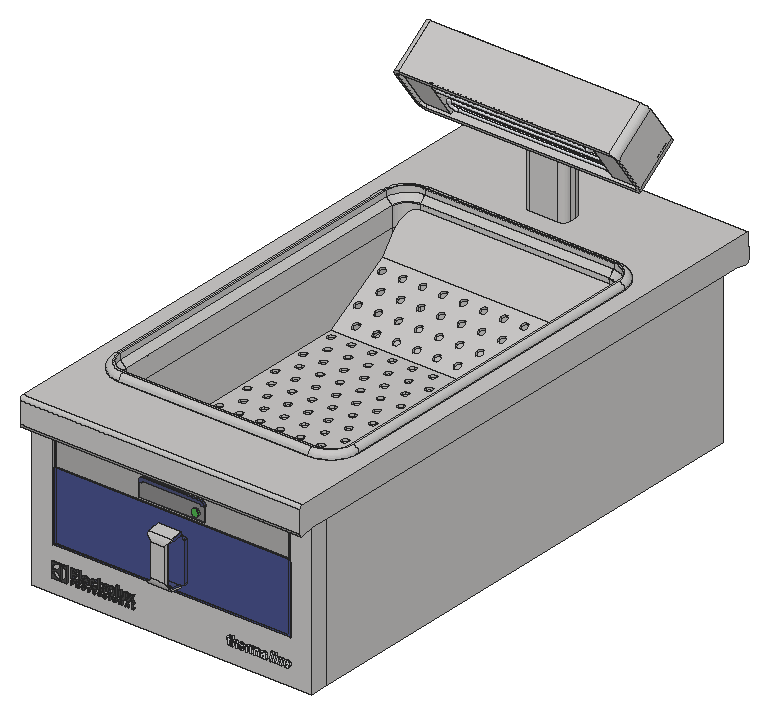
Revit family "QF_ELECTROLUXPROFESSIONAL_588094_MAYAAADOBO", category Attrezzature speciali, Revit 2020 (continued)
Lines and regions (mm)
  symbolic lines
    curve 151: spline (151.566, -242.726, 0) -> (151.734, -243.847, 0) -> (152.227, -244.891, 0) -> (153.011, -245.788, 0) -> (154.033, -246.476, 0) -> (155.223, -246.909, 0) -> (156.5, -247.057, 0) -> (157.777, -246.909, 0) -> (158.967, -246.476, 0) -> (159.989, -245.788, 0) -> (160.773, -244.891, 0) -> (161.266, -243.847, 0) -> (161.434, -242.726, 0)
    curve 152: spline (151.566, -242.726, 0) -> (151.944, -241.814, 0) -> (152.548, -240.998, 0) -> (153.35, -240.316, 0) -> (154.309, -239.803, 0) -> (155.376, -239.485, 0) -> (156.5, -239.377, 0) -> (157.624, -239.485, 0) -> (158.691, -239.803, 0) -> (159.65, -240.316, 0) -> (160.452, -240.998, 0) -> (161.056, -241.814, 0) -> (161.434, -242.726, 0)
    curve 153: spline (180.566, -242.726, 0) -> (180.734, -243.847, 0) -> (181.227, -244.891, 0) -> (182.011, -245.788, 0) -> (183.033, -246.476, 0) -> (184.223, -246.909, 0) -> (185.5, -247.057, 0) -> (186.777, -246.909, 0) -> (187.967, -246.476, 0) -> (188.989, -245.788, 0) -> (189.773, -244.891, 0) -> (190.266, -243.847, 0) -> (190.434, -242.726, 0)
    curve 154: spline (180.566, -242.726, 0) -> (180.944, -241.814, 0) -> (181.548, -240.998, 0) -> (182.35, -240.316, 0) -> (183.309, -239.803, 0) -> (184.376, -239.485, 0) -> (185.5, -239.377, 0) -> (186.624, -239.485, 0) -> (187.691, -239.803, 0) -> (188.65, -240.316, 0) -> (189.452, -240.998, 0) -> (190.056, -241.814, 0) -> (190.434, -242.726, 0)
    curve 155: spline (335.434, -242.726, 0) -> (335.266, -243.847, 0) -> (334.773, -244.891, 0) -> (333.989, -245.788, 0) -> (332.967, -246.476, 0) -> (331.777, -246.909, 0) -> (330.5, -247.057, 0) -> (329.223, -246.909, 0) -> (328.033, -246.476, 0) -> (327.011, -245.788, 0) -> (326.227, -244.891, 0) -> (325.734, -243.847, 0) -> (325.566, -242.726, 0)
    curve 156: spline (335.434, -242.726, 0) -> (335.056, -241.814, 0) -> (334.452, -240.998, 0) -> (333.65, -240.316, 0) -> (332.691, -239.803, 0) -> (331.624, -239.485, 0) -> (330.5, -239.377, 0) -> (329.376, -239.485, 0) -> (328.309, -239.803, 0) -> (327.35, -240.316, 0) -> (326.548, -240.998, 0) -> (325.944, -241.814, 0) -> (325.566, -242.726, 0)
    curve 157: spline (306.434, -242.726, 0) -> (306.266, -243.847, 0) -> (305.773, -244.891, 0) -> (304.989, -245.788, 0) -> (303.967, -246.476, 0) -> (302.777, -246.909, 0) -> (301.5, -247.057, 0) -> (300.223, -246.909, 0) -> (299.033, -246.476, 0) -> (298.011, -245.788, 0) -> (297.227, -244.891, 0) -> (296.734, -243.847, 0) -> (296.566, -242.726, 0)
    curve 158: spline (306.434, -242.726, 0) -> (306.056, -241.814, 0) -> (305.452, -240.998, 0) -> (304.65, -240.316, 0) -> (303.691, -239.803, 0) -> (302.624, -239.485, 0) -> (301.5, -239.377, 0) -> (300.376, -239.485, 0) -> (299.309, -239.803, 0) -> (298.35, -240.316, 0) -> (297.548, -240.998, 0) -> (296.944, -241.814, 0) -> (296.566, -242.726, 0)
    curve 159: spline (277.434, -242.726, 0) -> (277.266, -243.847, 0) -> (276.773, -244.891, 0) -> (275.989, -245.788, 0) -> (274.967, -246.476, 0) -> (273.777, -246.909, 0) -> (272.5, -247.057, 0) -> (271.223, -246.909, 0) -> (270.033, -246.476, 0) -> (269.011, -245.788, 0) -> (268.227, -244.891, 0) -> (267.734, -243.847, 0) -> (267.566, -242.726, 0)
    curve 160: spline (277.434, -242.726, 0) -> (277.056, -241.814, 0) -> (276.452, -240.998, 0) -> (275.65, -240.316, 0) -> (274.691, -239.803, 0) -> (273.624, -239.485, 0) -> (272.5, -239.377, 0) -> (271.376, -239.485, 0) -> (270.309, -239.803, 0) -> (269.35, -240.316, 0) -> (268.548, -240.998, 0) -> (267.944, -241.814, 0) -> (267.566, -242.726, 0)
    curve 161: spline (248.434, -242.726, 0) -> (248.266, -243.847, 0) -> (247.773, -244.891, 0) -> (246.989, -245.788, 0) -> (245.967, -246.476, 0) -> (244.777, -246.909, 0) -> (243.5, -247.057, 0) -> (242.223, -246.909, 0) -> (241.033, -246.476, 0) -> (240.011, -245.788, 0) -> (239.227, -244.891, 0) -> (238.734, -243.847, 0) -> (238.566, -242.726, 0)
    curve 162: spline (248.434, -242.726, 0) -> (248.056, -241.814, 0) -> (247.452, -240.998, 0) -> (246.65, -240.316, 0) -> (245.691, -239.803, 0) -> (244.624, -239.485, 0) -> (243.5, -239.377, 0) -> (242.376, -239.485, 0) -> (241.309, -239.803, 0) -> (240.35, -240.316, 0) -> (239.548, -240.998, 0) -> (238.944, -241.814, 0) -> (238.566, -242.726, 0)
    curve 163: spline (219.434, -242.726, 0) -> (219.266, -243.847, 0) -> (218.773, -244.891, 0) -> (217.989, -245.788, 0) -> (216.967, -246.476, 0) -> (215.777, -246.909, 0) -> (214.5, -247.057, 0) -> (213.223, -246.909, 0) -> (212.033, -246.476, 0) -> (211.011, -245.788, 0) -> (210.227, -244.891, 0) -> (209.734, -243.847, 0) -> (209.566, -242.726, 0)
    curve 164: spline (219.434, -242.726, 0) -> (219.056, -241.814, 0) -> (218.452, -240.998, 0) -> (217.65, -240.316, 0) -> (216.691, -239.803, 0) -> (215.624, -239.485, 0) -> (214.5, -239.377, 0) -> (213.376, -239.485, 0) -> (212.309, -239.803, 0) -> (211.35, -240.316, 0) -> (210.548, -240.998, 0) -> (209.944, -241.814, 0) -> (209.566, -242.726, 0)
    curve 165: spline (50.066, -264.375, 0) -> (50.234, -265.496, 0) -> (50.727, -266.54, 0) -> (51.511, -267.437, 0) -> (52.533, -268.126, 0) -> (53.723, -268.558, 0) -> (55, -268.706, 0) -> (56.277, -268.558, 0) -> (57.467, -268.126, 0) -> (58.489, -267.437, 0) -> (59.273, -266.54, 0) -> (59.766, -265.496, 0) -> (59.934, -264.375, 0)
    curve 166: spline (50.066, -264.375, 0) -> (50.444, -263.464, 0) -> (51.048, -262.647, 0) -> (51.85, -261.965, 0) -> (52.809, -261.452, 0) -> (53.876, -261.134, 0) -> (55, -261.026, 0) -> (56.124, -261.134, 0) -> (57.191, -261.452, 0) -> (58.15, -261.965, 0) -> (58.952, -262.647, 0) -> (59.556, -263.464, 0) -> (59.934, -264.375, 0)
    curve 167: spline (79.022, -264.375, 0) -> (79.19, -265.496, 0) -> (79.683, -266.54, 0) -> (80.467, -267.437, 0) -> (81.489, -268.126, 0) -> (82.679, -268.558, 0) -> (83.956, -268.706, 0) -> (85.233, -268.558, 0) -> (86.423, -268.126, 0) -> (87.445, -267.437, 0) -> (88.229, -266.54, 0) -> (88.722, -265.496, 0) -> (88.89, -264.375, 0)
    curve 168: spline (79.022, -264.375, 0) -> (79.4, -263.464, 0) -> (80.004, -262.647, 0) -> (80.806, -261.965, 0) -> (81.765, -261.452, 0) -> (82.832, -261.134, 0) -> (83.956, -261.026, 0) -> (85.08, -261.134, 0) -> (86.147, -261.452, 0) -> (87.106, -261.965, 0) -> (87.908, -262.647, 0) -> (88.512, -263.464, 0) -> (88.89, -264.375, 0)
    curve 169: spline (108.022, -264.375, 0) -> (108.19, -265.496, 0) -> (108.683, -266.54, 0) -> (109.467, -267.437, 0) -> (110.489, -268.126, 0) -> (111.679, -268.558, 0) -> (112.956, -268.706, 0) -> (114.233, -268.558, 0) -> (115.423, -268.126, 0) -> (116.445, -267.437, 0) -> (117.229, -266.54, 0) -> (117.722, -265.496, 0) -> (117.89, -264.375, 0)
    curve 170: spline (108.022, -264.375, 0) -> (108.4, -263.464, 0) -> (109.004, -262.647, 0) -> (109.806, -261.965, 0) -> (110.765, -261.452, 0) -> (111.832, -261.134, 0) -> (112.956, -261.026, 0) -> (114.08, -261.134, 0) -> (115.147, -261.452, 0) -> (116.106, -261.965, 0) -> (116.908, -262.647, 0) -> (117.512, -263.464, 0) -> (117.89, -264.375, 0)
    curve 171: spline (137.022, -264.375, 0) -> (137.19, -265.496, 0) -> (137.683, -266.54, 0) -> (138.467, -267.437, 0) -> (139.489, -268.126, 0) -> (140.679, -268.558, 0) -> (141.956, -268.706, 0) -> (143.233, -268.558, 0) -> (144.423, -268.126, 0) -> (145.445, -267.437, 0) -> (146.229, -266.54, 0) -> (146.722, -265.496, 0) -> (146.89, -264.375, 0)
    curve 172: spline (137.022, -264.375, 0) -> (137.4, -263.464, 0) -> (138.004, -262.647, 0) -> (138.806, -261.965, 0) -> (139.765, -261.452, 0) -> (140.832, -261.134, 0) -> (141.956, -261.026, 0) -> (143.08, -261.134, 0) -> (144.147, -261.452, 0) -> (145.106, -261.965, 0) -> (145.908, -262.647, 0) -> (146.512, -263.464, 0) -> (146.89, -264.375, 0)
    curve 173: spline (166.022, -264.375, 0) -> (166.19, -265.496, 0) -> (166.683, -266.54, 0) -> (167.467, -267.437, 0) -> (168.489, -268.126, 0) -> (169.679, -268.558, 0) -> (170.956, -268.706, 0) -> (172.233, -268.558, 0) -> (173.423, -268.126, 0) -> (174.445, -267.437, 0) -> (175.229, -266.54, 0) -> (175.722, -265.496, 0) -> (175.89, -264.375, 0)
    curve 174: spline (166.022, -264.375, 0) -> (166.4, -263.464, 0) -> (167.004, -262.647, 0) -> (167.806, -261.965, 0) -> (168.765, -261.452, 0) -> (169.832, -261.134, 0) -> (170.956, -261.026, 0) -> (172.08, -261.134, 0) -> (173.147, -261.452, 0) -> (174.106, -261.965, 0) -> (174.908, -262.647, 0) -> (175.512, -263.464, 0) -> (175.89, -264.375, 0)
    curve 175: spline (195.022, -264.375, 0) -> (195.19, -265.496, 0) -> (195.683, -266.54, 0) -> (196.467, -267.437, 0) -> (197.489, -268.126, 0) -> (198.679, -268.558, 0) -> (199.956, -268.706, 0) -> (201.233, -268.558, 0) -> (202.423, -268.126, 0) -> (203.445, -267.437, 0) -> (204.229, -266.54, 0) -> (204.722, -265.496, 0) -> (204.89, -264.375, 0)
    curve 176: spline (195.022, -264.375, 0) -> (195.4, -263.464, 0) -> (196.004, -262.647, 0) -> (196.806, -261.965, 0) -> (197.765, -261.452, 0) -> (198.832, -261.134, 0) -> (199.956, -261.026, 0) -> (201.08, -261.134, 0) -> (202.147, -261.452, 0) -> (203.106, -261.965, 0) -> (203.908, -262.647, 0) -> (204.512, -263.464, 0) -> (204.89, -264.375, 0)
    curve 177: spline (349.934, -264.375, 0) -> (349.766, -265.496, 0) -> (349.273, -266.54, 0) -> (348.489, -267.437, 0) -> (347.467, -268.126, 0) -> (346.277, -268.558, 0) -> (345, -268.706, 0) -> (343.723, -268.558, 0) -> (342.533, -268.126, 0) -> (341.511, -267.437, 0) -> (340.727, -266.54, 0) -> (340.234, -265.496, 0) -> (340.066, -264.375, 0)
    curve 178: spline (349.934, -264.375, 0) -> (349.556, -263.464, 0) -> (348.952, -262.647, 0) -> (348.15, -261.965, 0) -> (347.191, -261.452, 0) -> (346.124, -261.134, 0) -> (345, -261.026, 0) -> (343.876, -261.134, 0) -> (342.809, -261.452, 0) -> (341.85, -261.965, 0) -> (341.048, -262.647, 0) -> (340.444, -263.464, 0) -> (340.066, -264.375, 0)
    curve 179: spline (320.978, -264.375, 0) -> (320.81, -265.496, 0) -> (320.317, -266.54, 0) -> (319.533, -267.437, 0) -> (318.511, -268.126, 0) -> (317.321, -268.558, 0) -> (316.044, -268.706, 0) -> (314.767, -268.558, 0) -> (313.577, -268.126, 0) -> (312.555, -267.437, 0) -> (311.771, -266.54, 0) -> (311.278, -265.496, 0) -> (311.11, -264.375, 0)
    curve 180: spline (320.978, -264.375, 0) -> (320.6, -263.464, 0) -> (319.996, -262.647, 0) -> (319.194, -261.965, 0) -> (318.235, -261.452, 0) -> (317.168, -261.134, 0) -> (316.044, -261.026, 0) -> (314.92, -261.134, 0) -> (313.853, -261.452, 0) -> (312.894, -261.965, 0) -> (312.092, -262.647, 0) -> (311.488, -263.464, 0) -> (311.11, -264.375, 0)
    curve 181: spline (291.978, -264.375, 0) -> (291.81, -265.496, 0) -> (291.317, -266.54, 0) -> (290.533, -267.437, 0) -> (289.511, -268.126, 0) -> (288.321, -268.558, 0) -> (287.044, -268.706, 0) -> (285.767, -268.558, 0) -> (284.577, -268.126, 0) -> (283.555, -267.437, 0) -> (282.771, -266.54, 0) -> (282.278, -265.496, 0) -> (282.11, -264.375, 0)
    curve 182: spline (291.978, -264.375, 0) -> (291.6, -263.464, 0) -> (290.996, -262.647, 0) -> (290.194, -261.965, 0) -> (289.235, -261.452, 0) -> (288.168, -261.134, 0) -> (287.044, -261.026, 0) -> (285.92, -261.134, 0) -> (284.853, -261.452, 0) -> (283.894, -261.965, 0) -> (283.092, -262.647, 0) -> (282.488, -263.464, 0) -> (282.11, -264.375, 0)
    curve 183: spline (262.978, -264.375, 0) -> (262.81, -265.496, 0) -> (262.317, -266.54, 0) -> (261.533, -267.437, 0) -> (260.511, -268.126, 0) -> (259.321, -268.558, 0) -> (258.044, -268.706, 0) -> (256.767, -268.558, 0) -> (255.577, -268.126, 0) -> (254.555, -267.437, 0) -> (253.771, -266.54, 0) -> (253.278, -265.496, 0) -> (253.11, -264.375, 0)
    curve 184: spline (262.978, -264.375, 0) -> (262.6, -263.464, 0) -> (261.996, -262.647, 0) -> (261.194, -261.965, 0) -> (260.235, -261.452, 0) -> (259.168, -261.134, 0) -> (258.044, -261.026, 0) -> (256.92, -261.134, 0) -> (255.853, -261.452, 0) -> (254.894, -261.965, 0) -> (254.092, -262.647, 0) -> (253.488, -263.464, 0) -> (253.11, -264.375, 0)
    curve 185: spline (233.978, -264.375, 0) -> (233.81, -265.496, 0) -> (233.317, -266.54, 0) -> (232.533, -267.437, 0) -> (231.511, -268.126, 0) -> (230.321, -268.558, 0) -> (229.044, -268.706, 0) -> (227.767, -268.558, 0) -> (226.577, -268.126, 0) -> (225.555, -267.437, 0) -> (224.771, -266.54, 0) -> (224.278, -265.496, 0) -> (224.11, -264.375, 0)
    curve 186: spline (233.978, -264.375, 0) -> (233.6, -263.464, 0) -> (232.996, -262.647, 0) -> (232.194, -261.965, 0) -> (231.235, -261.452, 0) -> (230.168, -261.134, 0) -> (229.044, -261.026, 0) -> (227.92, -261.134, 0) -> (226.853, -261.452, 0) -> (225.894, -261.965, 0) -> (225.092, -262.647, 0) -> (224.488, -263.464, 0) -> (224.11, -264.375, 0)
    curve 187: spline (64.566, -286.026, 0) -> (64.734, -287.146, 0) -> (65.227, -288.191, 0) -> (66.011, -289.088, 0) -> (67.033, -289.776, 0) -> (68.223, -290.209, 0) -> (69.5, -290.357, 0) -> (70.777, -290.209, 0) -> (71.967, -289.776, 0) -> (72.989, -289.088, 0) -> (73.773, -288.191, 0) -> (74.266, -287.146, 0) -> (74.434, -286.026, 0)
    curve 188: spline (64.566, -286.026, 0) -> (64.944, -285.114, 0) -> (65.548, -284.297, 0) -> (66.35, -283.616, 0) -> (67.309, -283.103, 0) -> (68.376, -282.784, 0) -> (69.5, -282.677, 0) -> (70.624, -282.784, 0) -> (71.691, -283.103, 0) -> (72.65, -283.616, 0) -> (73.452, -284.297, 0) -> (74.056, -285.114, 0) -> (74.434, -286.026, 0)
    curve 189: spline (93.566, -286.026, 0) -> (93.734, -287.146, 0) -> (94.227, -288.191, 0) -> (95.011, -289.088, 0) -> (96.033, -289.776, 0) -> (97.223, -290.209, 0) -> (98.5, -290.357, 0) -> (99.777, -290.209, 0) -> (100.967, -289.776, 0) -> (101.989, -289.088, 0) -> (102.773, -288.191, 0) -> (103.266, -287.146, 0) -> (103.434, -286.026, 0)
    curve 190: spline (93.566, -286.026, 0) -> (93.944, -285.114, 0) -> (94.548, -284.297, 0) -> (95.35, -283.616, 0) -> (96.309, -283.103, 0) -> (97.376, -282.784, 0) -> (98.5, -282.677, 0) -> (99.624, -282.784, 0) -> (100.691, -283.103, 0) -> (101.65, -283.616, 0) -> (102.452, -284.297, 0) -> (103.056, -285.114, 0) -> (103.434, -286.026, 0)
    curve 191: spline (122.566, -286.026, 0) -> (122.734, -287.146, 0) -> (123.227, -288.191, 0) -> (124.011, -289.088, 0) -> (125.033, -289.776, 0) -> (126.223, -290.209, 0) -> (127.5, -290.357, 0) -> (128.777, -290.209, 0) -> (129.967, -289.776, 0) -> (130.989, -289.088, 0) -> (131.773, -288.191, 0) -> (132.266, -287.146, 0) -> (132.434, -286.026, 0)
    curve 192: spline (122.566, -286.026, 0) -> (122.944, -285.114, 0) -> (123.548, -284.297, 0) -> (124.35, -283.616, 0) -> (125.309, -283.103, 0) -> (126.376, -282.784, 0) -> (127.5, -282.677, 0) -> (128.624, -282.784, 0) -> (129.691, -283.103, 0) -> (130.65, -283.616, 0) -> (131.452, -284.297, 0) -> (132.056, -285.114, 0) -> (132.434, -286.026, 0)
    curve 193: spline (151.566, -286.026, 0) -> (151.734, -287.146, 0) -> (152.227, -288.191, 0) -> (153.011, -289.088, 0) -> (154.033, -289.776, 0) -> (155.223, -290.209, 0) -> (156.5, -290.357, 0) -> (157.777, -290.209, 0) -> (158.967, -289.776, 0) -> (159.989, -289.088, 0) -> (160.773, -288.191, 0) -> (161.266, -287.146, 0) -> (161.434, -286.026, 0)
    curve 194: spline (151.566, -286.026, 0) -> (151.944, -285.114, 0) -> (152.548, -284.297, 0) -> (153.35, -283.616, 0) -> (154.309, -283.103, 0) -> (155.376, -282.784, 0) -> (156.5, -282.677, 0) -> (157.624, -282.784, 0) -> (158.691, -283.103, 0) -> (159.65, -283.616, 0) -> (160.452, -284.297, 0) -> (161.056, -285.114, 0) -> (161.434, -286.026, 0)
    curve 195: spline (180.566, -286.026, 0) -> (180.734, -287.146, 0) -> (181.227, -288.191, 0) -> (182.011, -289.088, 0) -> (183.033, -289.776, 0) -> (184.223, -290.209, 0) -> (185.5, -290.357, 0) -> (186.777, -290.209, 0) -> (187.967, -289.776, 0) -> (188.989, -289.088, 0) -> (189.773, -288.191, 0) -> (190.266, -287.146, 0) -> (190.434, -286.026, 0)
    curve 196: spline (180.566, -286.026, 0) -> (180.944, -285.114, 0) -> (181.548, -284.297, 0) -> (182.35, -283.616, 0) -> (183.309, -283.103, 0) -> (184.376, -282.784, 0) -> (185.5, -282.677, 0) -> (186.624, -282.784, 0) -> (187.691, -283.103, 0) -> (188.65, -283.616, 0) -> (189.452, -284.297, 0) -> (190.056, -285.114, 0) -> (190.434, -286.026, 0)
    curve 197: spline (335.434, -286.026, 0) -> (335.266, -287.146, 0) -> (334.773, -288.191, 0) -> (333.989, -289.088, 0) -> (332.967, -289.776, 0) -> (331.777, -290.209, 0) -> (330.5, -290.357, 0) -> (329.223, -290.209, 0) -> (328.033, -289.776, 0) -> (327.011, -289.088, 0) -> (326.227, -288.191, 0) -> (325.734, -287.146, 0) -> (325.566, -286.026, 0)
    curve 198: spline (335.434, -286.026, 0) -> (335.056, -285.114, 0) -> (334.452, -284.297, 0) -> (333.65, -283.616, 0) -> (332.691, -283.103, 0) -> (331.624, -282.784, 0) -> (330.5, -282.677, 0) -> (329.376, -282.784, 0) -> (328.309, -283.103, 0) -> (327.35, -283.616, 0) -> (326.548, -284.297, 0) -> (325.944, -285.114, 0) -> (325.566, -286.026, 0)
    curve 199: spline (306.434, -286.026, 0) -> (306.266, -287.146, 0) -> (305.773, -288.191, 0) -> (304.989, -289.088, 0) -> (303.967, -289.776, 0) -> (302.777, -290.209, 0) -> (301.5, -290.357, 0) -> (300.223, -290.209, 0) -> (299.033, -289.776, 0) -> (298.011, -289.088, 0) -> (297.227, -288.191, 0) -> (296.734, -287.146, 0) -> (296.566, -286.026, 0)
    curve 200: spline (306.434, -286.026, 0) -> (306.056, -285.114, 0) -> (305.452, -284.297, 0) -> (304.65, -283.616, 0) -> (303.691, -283.103, 0) -> (302.624, -282.784, 0) -> (301.5, -282.677, 0) -> (300.376, -282.784, 0) -> (299.309, -283.103, 0) -> (298.35, -283.616, 0) -> (297.548, -284.297, 0) -> (296.944, -285.114, 0) -> (296.566, -286.026, 0)
    curve 201: spline (277.434, -286.026, 0) -> (277.266, -287.146, 0) -> (276.773, -288.191, 0) -> (275.989, -289.088, 0) -> (274.967, -289.776, 0) -> (273.777, -290.209, 0) -> (272.5, -290.357, 0) -> (271.223, -290.209, 0) -> (270.033, -289.776, 0) -> (269.011, -289.088, 0) -> (268.227, -288.191, 0) -> (267.734, -287.146, 0) -> (267.566, -286.026, 0)
    curve 202: spline (277.434, -286.026, 0) -> (277.056, -285.114, 0) -> (276.452, -284.297, 0) -> (275.65, -283.616, 0) -> (274.691, -283.103, 0) -> (273.624, -282.784, 0) -> (272.5, -282.677, 0) -> (271.376, -282.784, 0) -> (270.309, -283.103, 0) -> (269.35, -283.616, 0) -> (268.548, -284.297, 0) -> (267.944, -285.114, 0) -> (267.566, -286.026, 0)
    curve 203: spline (248.434, -286.026, 0) -> (248.266, -287.146, 0) -> (247.773, -288.191, 0) -> (246.989, -289.088, 0) -> (245.967, -289.776, 0) -> (244.777, -290.209, 0) -> (243.5, -290.357, 0) -> (242.223, -290.209, 0) -> (241.033, -289.776, 0) -> (240.011, -289.088, 0) -> (239.227, -288.191, 0) -> (238.734, -287.146, 0) -> (238.566, -286.026, 0)
    curve 204: spline (248.434, -286.026, 0) -> (248.056, -285.114, 0) -> (247.452, -284.297, 0) -> (246.65, -283.616, 0) -> (245.691, -283.103, 0) -> (244.624, -282.784, 0) -> (243.5, -282.677, 0) -> (242.376, -282.784, 0) -> (241.309, -283.103, 0) -> (240.35, -283.616, 0) -> (239.548, -284.297, 0) -> (238.944, -285.114, 0) -> (238.566, -286.026, 0)
    curve 205: spline (219.434, -286.026, 0) -> (219.266, -287.146, 0) -> (218.773, -288.191, 0) -> (217.989, -289.088, 0) -> (216.967, -289.776, 0) -> (215.777, -290.209, 0) -> (214.5, -290.357, 0) -> (213.223, -290.209, 0) -> (212.033, -289.776, 0) -> (211.011, -289.088, 0) -> (210.227, -288.191, 0) -> (209.734, -287.146, 0) -> (209.566, -286.026, 0)
    curve 206: spline (219.434, -286.026, 0) -> (219.056, -285.114, 0) -> (218.452, -284.297, 0) -> (217.65, -283.616, 0) -> (216.691, -283.103, 0) -> (215.624, -282.784, 0) -> (214.5, -282.677, 0) -> (213.376, -282.784, 0) -> (212.309, -283.103, 0) -> (211.35, -283.616, 0) -> (210.548, -284.297, 0) -> (209.944, -285.114, 0) -> (209.566, -286.026, 0)
    curve 207: spline (50.066, -628.925, 0) -> (50.234, -627.804, 0) -> (50.727, -626.759, 0) -> (51.511, -625.862, 0) -> (52.533, -625.174, 0) -> (53.723, -624.741, 0) -> (55, -624.594, 0) -> (56.277, -624.741, 0) -> (57.467, -625.174, 0) -> (58.489, -625.862, 0) -> (59.273, -626.759, 0) -> (59.766, -627.804, 0) -> (59.934, -628.925, 0)
    curve 208: spline (50.066, -628.925, 0) -> (50.444, -629.836, 0) -> (51.048, -630.653, 0) -> (51.85, -631.335, 0) -> (52.809, -631.848, 0) -> (53.876, -632.166, 0) -> (55, -632.274, 0) -> (56.124, -632.166, 0) -> (57.191, -631.848, 0) -> (58.15, -631.335, 0) -> (58.952, -630.653, 0) -> (59.556, -629.836, 0) -> (59.934, -628.925, 0)
    curve 209: spline (79.022, -628.925, 0) -> (79.19, -627.804, 0) -> (79.683, -626.759, 0) -> (80.467, -625.862, 0) -> (81.489, -625.174, 0) -> (82.679, -624.741, 0) -> (83.956, -624.594, 0) -> (85.233, -624.741, 0) -> (86.423, -625.174, 0) -> (87.445, -625.862, 0) -> (88.229, -626.759, 0) -> (88.722, -627.804, 0) -> (88.89, -628.925, 0)
    curve 210: spline (79.022, -628.925, 0) -> (79.4, -629.836, 0) -> (80.004, -630.653, 0) -> (80.806, -631.335, 0) -> (81.765, -631.848, 0) -> (82.832, -632.166, 0) -> (83.956, -632.274, 0) -> (85.08, -632.166, 0) -> (86.147, -631.848, 0) -> (87.106, -631.335, 0) -> (87.908, -630.653, 0) -> (88.512, -629.836, 0) -> (88.89, -628.925, 0)
    curve 211: spline (108.022, -628.925, 0) -> (108.19, -627.804, 0) -> (108.683, -626.759, 0) -> (109.467, -625.862, 0) -> (110.489, -625.174, 0) -> (111.679, -624.741, 0) -> (112.956, -624.594, 0) -> (114.233, -624.741, 0) -> (115.423, -625.174, 0) -> (116.445, -625.862, 0) -> (117.229, -626.759, 0) -> (117.722, -627.804, 0) -> (117.89, -628.925, 0)
    curve 212: spline (108.022, -628.925, 0) -> (108.4, -629.836, 0) -> (109.004, -630.653, 0) -> (109.806, -631.335, 0) -> (110.765, -631.848, 0) -> (111.832, -632.166, 0) -> (112.956, -632.274, 0) -> (114.08, -632.166, 0) -> (115.147, -631.848, 0) -> (116.106, -631.335, 0) -> (116.908, -630.653, 0) -> (117.512, -629.836, 0) -> (117.89, -628.925, 0)
    curve 213: spline (137.022, -628.925, 0) -> (137.19, -627.804, 0) -> (137.683, -626.759, 0) -> (138.467, -625.862, 0) -> (139.489, -625.174, 0) -> (140.679, -624.741, 0) -> (141.956, -624.594, 0) -> (143.233, -624.741, 0) -> (144.423, -625.174, 0) -> (145.445, -625.862, 0) -> (146.229, -626.759, 0) -> (146.722, -627.804, 0) -> (146.89, -628.925, 0)
    curve 214: spline (137.022, -628.925, 0) -> (137.4, -629.836, 0) -> (138.004, -630.653, 0) -> (138.806, -631.335, 0) -> (139.765, -631.848, 0) -> (140.832, -632.166, 0) -> (141.956, -632.274, 0) -> (143.08, -632.166, 0) -> (144.147, -631.848, 0) -> (145.106, -631.335, 0) -> (145.908, -630.653, 0) -> (146.512, -629.836, 0) -> (146.89, -628.925, 0)
    curve 215: spline (166.022, -628.925, 0) -> (166.19, -627.804, 0) -> (166.683, -626.759, 0) -> (167.467, -625.862, 0) -> (168.489, -625.174, 0) -> (169.679, -624.741, 0) -> (170.956, -624.594, 0) -> (172.233, -624.741, 0) -> (173.423, -625.174, 0) -> (174.445, -625.862, 0) -> (175.229, -626.759, 0) -> (175.722, -627.804, 0) -> (175.89, -628.925, 0)
    curve 216: spline (166.022, -628.925, 0) -> (166.4, -629.836, 0) -> (167.004, -630.653, 0) -> (167.806, -631.335, 0) -> (168.765, -631.848, 0) -> (169.832, -632.166, 0) -> (170.956, -632.274, 0) -> (172.08, -632.166, 0) -> (173.147, -631.848, 0) -> (174.106, -631.335, 0) -> (174.908, -630.653, 0) -> (175.512, -629.836, 0) -> (175.89, -628.925, 0)
    curve 217: spline (195.022, -628.925, 0) -> (195.19, -627.804, 0) -> (195.683, -626.759, 0) -> (196.467, -625.862, 0) -> (197.489, -625.174, 0) -> (198.679, -624.741, 0) -> (199.956, -624.594, 0) -> (201.233, -624.741, 0) -> (202.423, -625.174, 0) -> (203.445, -625.862, 0) -> (204.229, -626.759, 0) -> (204.722, -627.804, 0) -> (204.89, -628.925, 0)
    curve 218: spline (195.022, -628.925, 0) -> (195.4, -629.836, 0) -> (196.004, -630.653, 0) -> (196.806, -631.335, 0) -> (197.765, -631.848, 0) -> (198.832, -632.166, 0) -> (199.956, -632.274, 0) -> (201.08, -632.166, 0) -> (202.147, -631.848, 0) -> (203.106, -631.335, 0) -> (203.908, -630.653, 0) -> (204.512, -629.836, 0) -> (204.89, -628.925, 0)
    curve 219: spline (349.934, -628.925, 0) -> (349.766, -627.804, 0) -> (349.273, -626.759, 0) -> (348.489, -625.862, 0) -> (347.467, -625.174, 0) -> (346.277, -624.741, 0) -> (345, -624.594, 0) -> (343.723, -624.741, 0) -> (342.533, -625.174, 0) -> (341.511, -625.862, 0) -> (340.727, -626.759, 0) -> (340.234, -627.804, 0) -> (340.066, -628.925, 0)
    curve 220: spline (349.934, -628.925, 0) -> (349.556, -629.836, 0) -> (348.952, -630.653, 0) -> (348.15, -631.335, 0) -> (347.191, -631.848, 0) -> (346.124, -632.166, 0) -> (345, -632.274, 0) -> (343.876, -632.166, 0) -> (342.809, -631.848, 0) -> (341.85, -631.335, 0) -> (341.048, -630.653, 0) -> (340.444, -629.836, 0) -> (340.066, -628.925, 0)
    curve 221: spline (320.978, -628.925, 0) -> (320.81, -627.804, 0) -> (320.317, -626.759, 0) -> (319.533, -625.862, 0) -> (318.511, -625.174, 0) -> (317.321, -624.741, 0) -> (316.044, -624.594, 0) -> (314.767, -624.741, 0) -> (313.577, -625.174, 0) -> (312.555, -625.862, 0) -> (311.771, -626.759, 0) -> (311.278, -627.804, 0) -> (311.11, -628.925, 0)
    curve 222: spline (320.978, -628.925, 0) -> (320.6, -629.836, 0) -> (319.996, -630.653, 0) -> (319.194, -631.335, 0) -> (318.235, -631.848, 0) -> (317.168, -632.166, 0) -> (316.044, -632.274, 0) -> (314.92, -632.166, 0) -> (313.853, -631.848, 0) -> (312.894, -631.335, 0) -> (312.092, -630.653, 0) -> (311.488, -629.836, 0) -> (311.11, -628.925, 0)
    curve 223: spline (291.978, -628.925, 0) -> (291.81, -627.804, 0) -> (291.317, -626.759, 0) -> (290.533, -625.862, 0) -> (289.511, -625.174, 0) -> (288.321, -624.741, 0) -> (287.044, -624.594, 0) -> (285.767, -624.741, 0) -> (284.577, -625.174, 0) -> (283.555, -625.862, 0) -> (282.771, -626.759, 0) -> (282.278, -627.804, 0) -> (282.11, -628.925, 0)
    curve 224: spline (291.978, -628.925, 0) -> (291.6, -629.836, 0) -> (290.996, -630.653, 0) -> (290.194, -631.335, 0) -> (289.235, -631.848, 0) -> (288.168, -632.166, 0) -> (287.044, -632.274, 0) -> (285.92, -632.166, 0) -> (284.853, -631.848, 0) -> (283.894, -631.335, 0) -> (283.092, -630.653, 0) -> (282.488, -629.836, 0) -> (282.11, -628.925, 0)
    curve 225: spline (262.978, -628.925, 0) -> (262.81, -627.804, 0) -> (262.317, -626.759, 0) -> (261.533, -625.862, 0) -> (260.511, -625.174, 0) -> (259.321, -624.741, 0) -> (258.044, -624.594, 0) -> (256.767, -624.741, 0) -> (255.577, -625.174, 0) -> (254.555, -625.862, 0) -> (253.771, -626.759, 0) -> (253.278, -627.804, 0) -> (253.11, -628.925, 0)
    curve 226: spline (262.978, -628.925, 0) -> (262.6, -629.836, 0) -> (261.996, -630.653, 0) -> (261.194, -631.335, 0) -> (260.235, -631.848, 0) -> (259.168, -632.166, 0) -> (258.044, -632.274, 0) -> (256.92, -632.166, 0) -> (255.853, -631.848, 0) -> (254.894, -631.335, 0) -> (254.092, -630.653, 0) -> (253.488, -629.836, 0) -> (253.11, -628.925, 0)
    curve 227: spline (233.978, -628.925, 0) -> (233.81, -627.804, 0) -> (233.317, -626.759, 0) -> (232.533, -625.862, 0) -> (231.511, -625.174, 0) -> (230.321, -624.741, 0) -> (229.044, -624.594, 0) -> (227.767, -624.741, 0) -> (226.577, -625.174, 0) -> (225.555, -625.862, 0) -> (224.771, -626.759, 0) -> (224.278, -627.804, 0) -> (224.11, -628.925, 0)
    curve 228: spline (233.978, -628.925, 0) -> (233.6, -629.836, 0) -> (232.996, -630.653, 0) -> (232.194, -631.335, 0) -> (231.235, -631.848, 0) -> (230.168, -632.166, 0) -> (229.044, -632.274, 0) -> (227.92, -632.166, 0) -> (226.853, -631.848, 0) -> (225.894, -631.335, 0) -> (225.092, -630.653, 0) -> (224.488, -629.836, 0) -> (224.11, -628.925, 0)
    curve 229: spline (64.566, -607.274, 0) -> (64.734, -606.153, 0) -> (65.227, -605.109, 0) -> (66.011, -604.212, 0) -> (67.033, -603.524, 0) -> (68.223, -603.091, 0) -> (69.5, -602.943, 0) -> (70.777, -603.091, 0) -> (71.967, -603.524, 0) -> (72.989, -604.212, 0) -> (73.773, -605.109, 0) -> (74.266, -606.153, 0) -> (74.434, -607.274, 0)
    curve 230: spline (64.566, -607.274, 0) -> (64.944, -608.186, 0) -> (65.548, -609.002, 0) -> (66.35, -609.684, 0) -> (67.309, -610.197, 0) -> (68.376, -610.515, 0) -> (69.5, -610.623, 0) -> (70.624, -610.515, 0) -> (71.691, -610.197, 0) -> (72.65, -609.684, 0) -> (73.452, -609.002, 0) -> (74.056, -608.186, 0) -> (74.434, -607.274, 0)
    curve 231: spline (93.566, -607.274, 0) -> (93.734, -606.153, 0) -> (94.227, -605.109, 0) -> (95.011, -604.212, 0) -> (96.033, -603.524, 0) -> (97.223, -603.091, 0) -> (98.5, -602.943, 0) -> (99.777, -603.091, 0) -> (100.967, -603.524, 0) -> (101.989, -604.212, 0) -> (102.773, -605.109, 0) -> (103.266, -606.153, 0) -> (103.434, -607.274, 0)
    curve 232: spline (93.566, -607.274, 0) -> (93.944, -608.186, 0) -> (94.548, -609.002, 0) -> (95.35, -609.684, 0) -> (96.309, -610.197, 0) -> (97.376, -610.515, 0) -> (98.5, -610.623, 0) -> (99.624, -610.515, 0) -> (100.691, -610.197, 0) -> (101.65, -609.684, 0) -> (102.452, -609.002, 0) -> (103.056, -608.186, 0) -> (103.434, -607.274, 0)
    curve 233: spline (122.566, -607.274, 0) -> (122.734, -606.153, 0) -> (123.227, -605.109, 0) -> (124.011, -604.212, 0) -> (125.033, -603.524, 0) -> (126.223, -603.091, 0) -> (127.5, -602.943, 0) -> (128.777, -603.091, 0) -> (129.967, -603.524, 0) -> (130.989, -604.212, 0) -> (131.773, -605.109, 0) -> (132.266, -606.153, 0) -> (132.434, -607.274, 0)
    curve 234: spline (122.566, -607.274, 0) -> (122.944, -608.186, 0) -> (123.548, -609.002, 0) -> (124.35, -609.684, 0) -> (125.309, -610.197, 0) -> (126.376, -610.515, 0) -> (127.5, -610.623, 0) -> (128.624, -610.515, 0) -> (129.691, -610.197, 0) -> (130.65, -609.684, 0) -> (131.452, -609.002, 0) -> (132.056, -608.186, 0) -> (132.434, -607.274, 0)
    curve 235: spline (151.566, -607.274, 0) -> (151.734, -606.153, 0) -> (152.227, -605.109, 0) -> (153.011, -604.212, 0) -> (154.033, -603.524, 0) -> (155.223, -603.091, 0) -> (156.5, -602.943, 0) -> (157.777, -603.091, 0) -> (158.967, -603.524, 0) -> (159.989, -604.212, 0) -> (160.773, -605.109, 0) -> (161.266, -606.153, 0) -> (161.434, -607.274, 0)
    curve 236: spline (151.566, -607.274, 0) -> (151.944, -608.186, 0) -> (152.548, -609.002, 0) -> (153.35, -609.684, 0) -> (154.309, -610.197, 0) -> (155.376, -610.515, 0) -> (156.5, -610.623, 0) -> (157.624, -610.515, 0) -> (158.691, -610.197, 0) -> (159.65, -609.684, 0) -> (160.452, -609.002, 0) -> (161.056, -608.186, 0) -> (161.434, -607.274, 0)
    curve 237: spline (180.566, -607.274, 0) -> (180.734, -606.153, 0) -> (181.227, -605.109, 0) -> (182.011, -604.212, 0) -> (183.033, -603.524, 0) -> (184.223, -603.091, 0) -> (185.5, -602.943, 0) -> (186.777, -603.091, 0) -> (187.967, -603.524, 0) -> (188.989, -604.212, 0) -> (189.773, -605.109, 0) -> (190.266, -606.153, 0) -> (190.434, -607.274, 0)
    curve 238: spline (180.566, -607.274, 0) -> (180.944, -608.186, 0) -> (181.548, -609.002, 0) -> (182.35, -609.684, 0) -> (183.309, -610.197, 0) -> (184.376, -610.515, 0) -> (185.5, -610.623, 0) -> (186.624, -610.515, 0) -> (187.691, -610.197, 0) -> (188.65, -609.684, 0) -> (189.452, -609.002, 0) -> (190.056, -608.186, 0) -> (190.434, -607.274, 0)
    curve 239: spline (335.434, -607.274, 0) -> (335.266, -606.153, 0) -> (334.773, -605.109, 0) -> (333.989, -604.212, 0) -> (332.967, -603.524, 0) -> (331.777, -603.091, 0) -> (330.5, -602.943, 0) -> (329.223, -603.091, 0) -> (328.033, -603.524, 0) -> (327.011, -604.212, 0) -> (326.227, -605.109, 0) -> (325.734, -606.153, 0) -> (325.566, -607.274, 0)
    curve 240: spline (335.434, -607.274, 0) -> (335.056, -608.186, 0) -> (334.452, -609.002, 0) -> (333.65, -609.684, 0) -> (332.691, -610.197, 0) -> (331.624, -610.515, 0) -> (330.5, -610.623, 0) -> (329.376, -610.515, 0) -> (328.309, -610.197, 0) -> (327.35, -609.684, 0) -> (326.548, -609.002, 0) -> (325.944, -608.186, 0) -> (325.566, -607.274, 0)
    curve 241: spline (306.434, -607.274, 0) -> (306.266, -606.153, 0) -> (305.773, -605.109, 0) -> (304.989, -604.212, 0) -> (303.967, -603.524, 0) -> (302.777, -603.091, 0) -> (301.5, -602.943, 0) -> (300.223, -603.091, 0) -> (299.033, -603.524, 0) -> (298.011, -604.212, 0) -> (297.227, -605.109, 0) -> (296.734, -606.153, 0) -> (296.566, -607.274, 0)
    curve 242: spline (306.434, -607.274, 0) -> (306.056, -608.186, 0) -> (305.452, -609.002, 0) -> (304.65, -609.684, 0) -> (303.691, -610.197, 0) -> (302.624, -610.515, 0) -> (301.5, -610.623, 0) -> (300.376, -610.515, 0) -> (299.309, -610.197, 0) -> (298.35, -609.684, 0) -> (297.548, -609.002, 0) -> (296.944, -608.186, 0) -> (296.566, -607.274, 0)
    curve 243: spline (277.434, -607.274, 0) -> (277.266, -606.153, 0) -> (276.773, -605.109, 0) -> (275.989, -604.212, 0) -> (274.967, -603.524, 0) -> (273.777, -603.091, 0) -> (272.5, -602.943, 0) -> (271.223, -603.091, 0) -> (270.033, -603.524, 0) -> (269.011, -604.212, 0) -> (268.227, -605.109, 0) -> (267.734, -606.153, 0) -> (267.566, -607.274, 0)
    curve 244: spline (277.434, -607.274, 0) -> (277.056, -608.186, 0) -> (276.452, -609.002, 0) -> (275.65, -609.684, 0) -> (274.691, -610.197, 0) -> (273.624, -610.515, 0) -> (272.5, -610.623, 0) -> (271.376, -610.515, 0) -> (270.309, -610.197, 0) -> (269.35, -609.684, 0) -> (268.548, -609.002, 0) -> (267.944, -608.186, 0) -> (267.566, -607.274, 0)
    curve 245: spline (248.434, -607.274, 0) -> (248.266, -606.153, 0) -> (247.773, -605.109, 0) -> (246.989, -604.212, 0) -> (245.967, -603.524, 0) -> (244.777, -603.091, 0) -> (243.5, -602.943, 0) -> (242.223, -603.091, 0) -> (241.033, -603.524, 0) -> (240.011, -604.212, 0) -> (239.227, -605.109, 0) -> (238.734, -606.153, 0) -> (238.566, -607.274, 0)
    curve 246: spline (248.434, -607.274, 0) -> (248.056, -608.186, 0) -> (247.452, -609.002, 0) -> (246.65, -609.684, 0) -> (245.691, -610.197, 0) -> (244.624, -610.515, 0) -> (243.5, -610.623, 0) -> (242.376, -610.515, 0) -> (241.309, -610.197, 0) -> (240.35, -609.684, 0) -> (239.548, -609.002, 0) -> (238.944, -608.186, 0) -> (238.566, -607.274, 0)
    curve 247: spline (219.434, -607.274, 0) -> (219.266, -606.153, 0) -> (218.773, -605.109, 0) -> (217.989, -604.212, 0) -> (216.967, -603.524, 0) -> (215.777, -603.091, 0) -> (214.5, -602.943, 0) -> (213.223, -603.091, 0) -> (212.033, -603.524, 0) -> (211.011, -604.212, 0) -> (210.227, -605.109, 0) -> (209.734, -606.153, 0) -> (209.566, -607.274, 0)
    curve 248: spline (219.434, -607.274, 0) -> (219.056, -608.186, 0) -> (218.452, -609.002, 0) -> (217.65, -609.684, 0) -> (216.691, -610.197, 0) -> (215.624, -610.515, 0) -> (214.5, -610.623, 0) -> (213.376, -610.515, 0) -> (212.309, -610.197, 0) -> (211.35, -609.684, 0) -> (210.548, -609.002, 0) -> (209.944, -608.186, 0) -> (209.566, -607.274, 0)
    curve 249: spline (50.066, -585.625, 0) -> (50.234, -584.504, 0) -> (50.727, -583.46, 0) -> (51.511, -582.563, 0) -> (52.533, -581.874, 0) -> (53.723, -581.442, 0) -> (55, -581.294, 0) -> (56.277, -581.442, 0) -> (57.467, -581.874, 0) -> (58.489, -582.563, 0) -> (59.273, -583.46, 0) -> (59.766, -584.504, 0) -> (59.934, -585.625, 0)
    curve 250: spline (50.066, -585.625, 0) -> (50.444, -586.536, 0) -> (51.048, -587.353, 0) -> (51.85, -588.035, 0) -> (52.809, -588.548, 0) -> (53.876, -588.866, 0) -> (55, -588.974, 0) -> (56.124, -588.866, 0) -> (57.191, -588.548, 0) -> (58.15, -588.035, 0) -> (58.952, -587.353, 0) -> (59.556, -586.536, 0) -> (59.934, -585.625, 0)
    curve 251: spline (79.022, -585.625, 0) -> (79.19, -584.504, 0) -> (79.683, -583.46, 0) -> (80.467, -582.563, 0) -> (81.489, -581.874, 0) -> (82.679, -581.442, 0) -> (83.956, -581.294, 0) -> (85.233, -581.442, 0) -> (86.423, -581.874, 0) -> (87.445, -582.563, 0) -> (88.229, -583.46, 0) -> (88.722, -584.504, 0) -> (88.89, -585.625, 0)
    curve 252: spline (79.022, -585.625, 0) -> (79.4, -586.536, 0) -> (80.004, -587.353, 0) -> (80.806, -588.035, 0) -> (81.765, -588.548, 0) -> (82.832, -588.866, 0) -> (83.956, -588.974, 0) -> (85.08, -588.866, 0) -> (86.147, -588.548, 0) -> (87.106, -588.035, 0) -> (87.908, -587.353, 0) -> (88.512, -586.536, 0) -> (88.89, -585.625, 0)
    curve 253: spline (108.022, -585.625, 0) -> (108.19, -584.504, 0) -> (108.683, -583.46, 0) -> (109.467, -582.563, 0) -> (110.489, -581.874, 0) -> (111.679, -581.442, 0) -> (112.956, -581.294, 0) -> (114.233, -581.442, 0) -> (115.423, -581.874, 0) -> (116.445, -582.563, 0) -> (117.229, -583.46, 0) -> (117.722, -584.504, 0) -> (117.89, -585.625, 0)
    curve 254: spline (108.022, -585.625, 0) -> (108.4, -586.536, 0) -> (109.004, -587.353, 0) -> (109.806, -588.035, 0) -> (110.765, -588.548, 0) -> (111.832, -588.866, 0) -> (112.956, -588.974, 0) -> (114.08, -588.866, 0) -> (115.147, -588.548, 0) -> (116.106, -588.035, 0) -> (116.908, -587.353, 0) -> (117.512, -586.536, 0) -> (117.89, -585.625, 0)
    curve 255: spline (137.022, -585.625, 0) -> (137.19, -584.504, 0) -> (137.683, -583.46, 0) -> (138.467, -582.563, 0) -> (139.489, -581.874, 0) -> (140.679, -581.442, 0) -> (141.956, -581.294, 0) -> (143.233, -581.442, 0) -> (144.423, -581.874, 0) -> (145.445, -582.563, 0) -> (146.229, -583.46, 0) -> (146.722, -584.504, 0) -> (146.89, -585.625, 0)
    curve 256: spline (137.022, -585.625, 0) -> (137.4, -586.536, 0) -> (138.004, -587.353, 0) -> (138.806, -588.035, 0) -> (139.765, -588.548, 0) -> (140.832, -588.866, 0) -> (141.956, -588.974, 0) -> (143.08, -588.866, 0) -> (144.147, -588.548, 0) -> (145.106, -588.035, 0) -> (145.908, -587.353, 0) -> (146.512, -586.536, 0) -> (146.89, -585.625, 0)
    curve 257: spline (166.022, -585.625, 0) -> (166.19, -584.504, 0) -> (166.683, -583.46, 0) -> (167.467, -582.563, 0) -> (168.489, -581.874, 0) -> (169.679, -581.442, 0) -> (170.956, -581.294, 0) -> (172.233, -581.442, 0) -> (173.423, -581.874, 0) -> (174.445, -582.563, 0) -> (175.229, -583.46, 0) -> (175.722, -584.504, 0) -> (175.89, -585.625, 0)
    curve 258: spline (166.022, -585.625, 0) -> (166.4, -586.536, 0) -> (167.004, -587.353, 0) -> (167.806, -588.035, 0) -> (168.765, -588.548, 0) -> (169.832, -588.866, 0) -> (170.956, -588.974, 0) -> (172.08, -588.866, 0) -> (173.147, -588.548, 0) -> (174.106, -588.035, 0) -> (174.908, -587.353, 0) -> (175.512, -586.536, 0) -> (175.89, -585.625, 0)
    curve 259: spline (195.022, -585.625, 0) -> (195.19, -584.504, 0) -> (195.683, -583.46, 0) -> (196.467, -582.563, 0) -> (197.489, -581.874, 0) -> (198.679, -581.442, 0) -> (199.956, -581.294, 0) -> (201.233, -581.442, 0) -> (202.423, -581.874, 0) -> (203.445, -582.563, 0) -> (204.229, -583.46, 0) -> (204.722, -584.504, 0) -> (204.89, -585.625, 0)
    curve 260: spline (195.022, -585.625, 0) -> (195.4, -586.536, 0) -> (196.004, -587.353, 0) -> (196.806, -588.035, 0) -> (197.765, -588.548, 0) -> (198.832, -588.866, 0) -> (199.956, -588.974, 0) -> (201.08, -588.866, 0) -> (202.147, -588.548, 0) -> (203.106, -588.035, 0) -> (203.908, -587.353, 0) -> (204.512, -586.536, 0) -> (204.89, -585.625, 0)
    curve 261: spline (349.934, -585.625, 0) -> (349.766, -584.504, 0) -> (349.273, -583.46, 0) -> (348.489, -582.563, 0) -> (347.467, -581.874, 0) -> (346.277, -581.442, 0) -> (345, -581.294, 0) -> (343.723, -581.442, 0) -> (342.533, -581.874, 0) -> (341.511, -582.563, 0) -> (340.727, -583.46, 0) -> (340.234, -584.504, 0) -> (340.066, -585.625, 0)
    curve 262: spline (349.934, -585.625, 0) -> (349.556, -586.536, 0) -> (348.952, -587.353, 0) -> (348.15, -588.035, 0) -> (347.191, -588.548, 0) -> (346.124, -588.866, 0) -> (345, -588.974, 0) -> (343.876, -588.866, 0) -> (342.809, -588.548, 0) -> (341.85, -588.035, 0) -> (341.048, -587.353, 0) -> (340.444, -586.536, 0) -> (340.066, -585.625, 0)
    curve 263: spline (320.978, -585.625, 0) -> (320.81, -584.504, 0) -> (320.317, -583.46, 0) -> (319.533, -582.563, 0) -> (318.511, -581.874, 0) -> (317.321, -581.442, 0) -> (316.044, -581.294, 0) -> (314.767, -581.442, 0) -> (313.577, -581.874, 0) -> (312.555, -582.563, 0) -> (311.771, -583.46, 0) -> (311.278, -584.504, 0) -> (311.11, -585.625, 0)
    curve 264: spline (320.978, -585.625, 0) -> (320.6, -586.536, 0) -> (319.996, -587.353, 0) -> (319.194, -588.035, 0) -> (318.235, -588.548, 0) -> (317.168, -588.866, 0) -> (316.044, -588.974, 0) -> (314.92, -588.866, 0) -> (313.853, -588.548, 0) -> (312.894, -588.035, 0) -> (312.092, -587.353, 0) -> (311.488, -586.536, 0) -> (311.11, -585.625, 0)
    curve 265: spline (291.978, -585.625, 0) -> (291.81, -584.504, 0) -> (291.317, -583.46, 0) -> (290.533, -582.563, 0) -> (289.511, -581.874, 0) -> (288.321, -581.442, 0) -> (287.044, -581.294, 0) -> (285.767, -581.442, 0) -> (284.577, -581.874, 0) -> (283.555, -582.563, 0) -> (282.771, -583.46, 0) -> (282.278, -584.504, 0) -> (282.11, -585.625, 0)
    curve 266: spline (291.978, -585.625, 0) -> (291.6, -586.536, 0) -> (290.996, -587.353, 0) -> (290.194, -588.035, 0) -> (289.235, -588.548, 0) -> (288.168, -588.866, 0) -> (287.044, -588.974, 0) -> (285.92, -588.866, 0) -> (284.853, -588.548, 0) -> (283.894, -588.035, 0) -> (283.092, -587.353, 0) -> (282.488, -586.536, 0) -> (282.11, -585.625, 0)
    curve 267: spline (262.978, -585.625, 0) -> (262.81, -584.504, 0) -> (262.317, -583.46, 0) -> (261.533, -582.563, 0) -> (260.511, -581.874, 0) -> (259.321, -581.442, 0) -> (258.044, -581.294, 0) -> (256.767, -581.442, 0) -> (255.577, -581.874, 0) -> (254.555, -582.563, 0) -> (253.771, -583.46, 0) -> (253.278, -584.504, 0) -> (253.11, -585.625, 0)
    curve 268: spline (262.978, -585.625, 0) -> (262.6, -586.536, 0) -> (261.996, -587.353, 0) -> (261.194, -588.035, 0) -> (260.235, -588.548, 0) -> (259.168, -588.866, 0) -> (258.044, -588.974, 0) -> (256.92, -588.866, 0) -> (255.853, -588.548, 0) -> (254.894, -588.035, 0) -> (254.092, -587.353, 0) -> (253.488, -586.536, 0) -> (253.11, -585.625, 0)
    curve 269: spline (233.978, -585.625, 0) -> (233.81, -584.504, 0) -> (233.317, -583.46, 0) -> (232.533, -582.563, 0) -> (231.511, -581.874, 0) -> (230.321, -581.442, 0) -> (229.044, -581.294, 0) -> (227.767, -581.442, 0) -> (226.577, -581.874, 0) -> (225.555, -582.563, 0) -> (224.771, -583.46, 0) -> (224.278, -584.504, 0) -> (224.11, -585.625, 0)
    curve 270: spline (233.978, -585.625, 0) -> (233.6, -586.536, 0) -> (232.996, -587.353, 0) -> (232.194, -588.035, 0) -> (231.235, -588.548, 0) -> (230.168, -588.866, 0) -> (229.044, -588.974, 0) -> (227.92, -588.866, 0) -> (226.853, -588.548, 0) -> (225.894, -588.035, 0) -> (225.092, -587.353, 0) -> (224.488, -586.536, 0) -> (224.11, -585.625, 0)
    curve 271: spline (64.566, -563.974, 0) -> (64.734, -562.854, 0) -> (65.227, -561.809, 0) -> (66.011, -560.912, 0) -> (67.033, -560.224, 0) -> (68.223, -559.791, 0) -> (69.5, -559.643, 0) -> (70.777, -559.791, 0) -> (71.967, -560.224, 0) -> (72.989, -560.912, 0) -> (73.773, -561.809, 0) -> (74.266, -562.854, 0) -> (74.434, -563.974, 0)
    curve 272: spline (64.566, -563.974, 0) -> (64.944, -564.886, 0) -> (65.548, -565.703, 0) -> (66.35, -566.384, 0) -> (67.309, -566.897, 0) -> (68.376, -567.216, 0) -> (69.5, -567.323, 0) -> (70.624, -567.216, 0) -> (71.691, -566.897, 0) -> (72.65, -566.384, 0) -> (73.452, -565.703, 0) -> (74.056, -564.886, 0) -> (74.434, -563.974, 0)
    curve 273: spline (93.566, -563.974, 0) -> (93.734, -562.854, 0) -> (94.227, -561.809, 0) -> (95.011, -560.912, 0) -> (96.033, -560.224, 0) -> (97.223, -559.791, 0) -> (98.5, -559.643, 0) -> (99.777, -559.791, 0) -> (100.967, -560.224, 0) -> (101.989, -560.912, 0) -> (102.773, -561.809, 0) -> (103.266, -562.854, 0) -> (103.434, -563.974, 0)
    curve 274: spline (93.566, -563.974, 0) -> (93.944, -564.886, 0) -> (94.548, -565.703, 0) -> (95.35, -566.384, 0) -> (96.309, -566.897, 0) -> (97.376, -567.216, 0) -> (98.5, -567.323, 0) -> (99.624, -567.216, 0) -> (100.691, -566.897, 0) -> (101.65, -566.384, 0) -> (102.452, -565.703, 0) -> (103.056, -564.886, 0) -> (103.434, -563.974, 0)
    curve 275: spline (122.566, -563.974, 0) -> (122.734, -562.854, 0) -> (123.227, -561.809, 0) -> (124.011, -560.912, 0) -> (125.033, -560.224, 0) -> (126.223, -559.791, 0) -> (127.5, -559.643, 0) -> (128.777, -559.791, 0) -> (129.967, -560.224, 0) -> (130.989, -560.912, 0) -> (131.773, -561.809, 0) -> (132.266, -562.854, 0) -> (132.434, -563.974, 0)
    curve 276: spline (122.566, -563.974, 0) -> (122.944, -564.886, 0) -> (123.548, -565.703, 0) -> (124.35, -566.384, 0) -> (125.309, -566.897, 0) -> (126.376, -567.216, 0) -> (127.5, -567.323, 0) -> (128.624, -567.216, 0) -> (129.691, -566.897, 0) -> (130.65, -566.384, 0) -> (131.452, -565.703, 0) -> (132.056, -564.886, 0) -> (132.434, -563.974, 0)
    curve 277: spline (151.566, -563.974, 0) -> (151.734, -562.854, 0) -> (152.227, -561.809, 0) -> (153.011, -560.912, 0) -> (154.033, -560.224, 0) -> (155.223, -559.791, 0) -> (156.5, -559.643, 0) -> (157.777, -559.791, 0) -> (158.967, -560.224, 0) -> (159.989, -560.912, 0) -> (160.773, -561.809, 0) -> (161.266, -562.854, 0) -> (161.434, -563.974, 0)
    curve 278: spline (151.566, -563.974, 0) -> (151.944, -564.886, 0) -> (152.548, -565.703, 0) -> (153.35, -566.384, 0) -> (154.309, -566.897, 0) -> (155.376, -567.216, 0) -> (156.5, -567.323, 0) -> (157.624, -567.216, 0) -> (158.691, -566.897, 0) -> (159.65, -566.384, 0) -> (160.452, -565.703, 0) -> (161.056, -564.886, 0) -> (161.434, -563.974, 0)
    curve 279: spline (180.566, -563.974, 0) -> (180.734, -562.854, 0) -> (181.227, -561.809, 0) -> (182.011, -560.912, 0) -> (183.033, -560.224, 0) -> (184.223, -559.791, 0) -> (185.5, -559.643, 0) -> (186.777, -559.791, 0) -> (187.967, -560.224, 0) -> (188.989, -560.912, 0) -> (189.773, -561.809, 0) -> (190.266, -562.854, 0) -> (190.434, -563.974, 0)
    curve 280: spline (180.566, -563.974, 0) -> (180.944, -564.886, 0) -> (181.548, -565.703, 0) -> (182.35, -566.384, 0) -> (183.309, -566.897, 0) -> (184.376, -567.216, 0) -> (185.5, -567.323, 0) -> (186.624, -567.216, 0) -> (187.691, -566.897, 0) -> (188.65, -566.384, 0) -> (189.452, -565.703, 0) -> (190.056, -564.886, 0) -> (190.434, -563.974, 0)
    curve 281: spline (335.434, -563.974, 0) -> (335.266, -562.854, 0) -> (334.773, -561.809, 0) -> (333.989, -560.912, 0) -> (332.967, -560.224, 0) -> (331.777, -559.791, 0) -> (330.5, -559.643, 0) -> (329.223, -559.791, 0) -> (328.033, -560.224, 0) -> (327.011, -560.912, 0) -> (326.227, -561.809, 0) -> (325.734, -562.854, 0) -> (325.566, -563.974, 0)
    curve 282: spline (335.434, -563.974, 0) -> (335.056, -564.886, 0) -> (334.452, -565.703, 0) -> (333.65, -566.384, 0) -> (332.691, -566.897, 0) -> (331.624, -567.216, 0) -> (330.5, -567.323, 0) -> (329.376, -567.216, 0) -> (328.309, -566.897, 0) -> (327.35, -566.384, 0) -> (326.548, -565.703, 0) -> (325.944, -564.886, 0) -> (325.566, -563.974, 0)
    curve 283: spline (306.434, -563.974, 0) -> (306.266, -562.854, 0) -> (305.773, -561.809, 0) -> (304.989, -560.912, 0) -> (303.967, -560.224, 0) -> (302.777, -559.791, 0) -> (301.5, -559.643, 0) -> (300.223, -559.791, 0) -> (299.033, -560.224, 0) -> (298.011, -560.912, 0) -> (297.227, -561.809, 0) -> (296.734, -562.854, 0) -> (296.566, -563.974, 0)
    curve 284: spline (306.434, -563.974, 0) -> (306.056, -564.886, 0) -> (305.452, -565.703, 0) -> (304.65, -566.384, 0) -> (303.691, -566.897, 0) -> (302.624, -567.216, 0) -> (301.5, -567.323, 0) -> (300.376, -567.216, 0) -> (299.309, -566.897, 0) -> (298.35, -566.384, 0) -> (297.548, -565.703, 0) -> (296.944, -564.886, 0) -> (296.566, -563.974, 0)
    curve 285: spline (277.434, -563.974, 0) -> (277.266, -562.854, 0) -> (276.773, -561.809, 0) -> (275.989, -560.912, 0) -> (274.967, -560.224, 0) -> (273.777, -559.791, 0) -> (272.5, -559.643, 0) -> (271.223, -559.791, 0) -> (270.033, -560.224, 0) -> (269.011, -560.912, 0) -> (268.227, -561.809, 0) -> (267.734, -562.854, 0) -> (267.566, -563.974, 0)
    curve 286: spline (277.434, -563.974, 0) -> (277.056, -564.886, 0) -> (276.452, -565.703, 0) -> (275.65, -566.384, 0) -> (274.691, -566.897, 0) -> (273.624, -567.216, 0) -> (272.5, -567.323, 0) -> (271.376, -567.216, 0) -> (270.309, -566.897, 0) -> (269.35, -566.384, 0) -> (268.548, -565.703, 0) -> (267.944, -564.886, 0) -> (267.566, -563.974, 0)
    curve 287: spline (248.434, -563.974, 0) -> (248.266, -562.854, 0) -> (247.773, -561.809, 0) -> (246.989, -560.912, 0) -> (245.967, -560.224, 0) -> (244.777, -559.791, 0) -> (243.5, -559.643, 0) -> (242.223, -559.791, 0) -> (241.033, -560.224, 0) -> (240.011, -560.912, 0) -> (239.227, -561.809, 0) -> (238.734, -562.854, 0) -> (238.566, -563.974, 0)
    curve 288: spline (248.434, -563.974, 0) -> (248.056, -564.886, 0) -> (247.452, -565.703, 0) -> (246.65, -566.384, 0) -> (245.691, -566.897, 0) -> (244.624, -567.216, 0) -> (243.5, -567.323, 0) -> (242.376, -567.216, 0) -> (241.309, -566.897, 0) -> (240.35, -566.384, 0) -> (239.548, -565.703, 0) -> (238.944, -564.886, 0) -> (238.566, -563.974, 0)
    curve 289: spline (219.434, -563.974, 0) -> (219.266, -562.854, 0) -> (218.773, -561.809, 0) -> (217.989, -560.912, 0) -> (216.967, -560.224, 0) -> (215.777, -559.791, 0) -> (214.5, -559.643, 0) -> (213.223, -559.791, 0) -> (212.033, -560.224, 0) -> (211.011, -560.912, 0) -> (210.227, -561.809, 0) -> (209.734, -562.854, 0) -> (209.566, -563.974, 0)
    curve 290: spline (219.434, -563.974, 0) -> (219.056, -564.886, 0) -> (218.452, -565.703, 0) -> (217.65, -566.384, 0) -> (216.691, -566.897, 0) -> (215.624, -567.216, 0) -> (214.5, -567.323, 0) -> (213.376, -567.216, 0) -> (212.309, -566.897, 0) -> (211.35, -566.384, 0) -> (210.548, -565.703, 0) -> (209.944, -564.886, 0) -> (209.566, -563.974, 0)
    curve 291: circle (55, -313.15, 0) r 5 normal (0, 0, 1)
    curve 292: circle (84, -313.15, 0) r 5 normal (0, 0, 1)
    curve 293: circle (113, -313.15, 0) r 5 normal (0, 0, 1)
    curve 294: circle (142, -313.15, 0) r 5 normal (0, 0, 1)
    curve 295: circle (171, -313.15, 0) r 5 normal (0, 0, 1)
    curve 296: circle (200, -313.15, 0) r 5 normal (0, 0, 1)
    curve 297: circle (345, -313.15, 0) r 5 normal (0, 0, -1)
    curve 298: circle (316, -313.15, 0) r 5 normal (0, 0, -1)
    curve 299: circle (287, -313.15, 0) r 5 normal (0, 0, -1)
    curve 300: circle (258, -313.15, 0) r 5 normal (0, 0, -1)
    curve 301: circle (229, -313.15, 0) r 5 normal (0, 0, -1)
    curve 302: circle (69.5, -338.15, 0) r 5 normal (0, 0, 1)
    curve 303: circle (98.5, -338.15, 0) r 5 normal (0, 0, 1)
    curve 304: circle (127.5, -338.15, 0) r 5 normal (0, 0, 1)
    curve 305: circle (156.5, -338.15, 0) r 5 normal (0, 0, 1)
    curve 306: circle (185.5, -338.15, 0) r 5 normal (0, 0, 1)
    curve 307: circle (330.5, -338.15, 0) r 5 normal (0, 0, -1)
    curve 308: circle (301.5, -338.15, 0) r 5 normal (0, 0, -1)
    curve 309: circle (272.5, -338.15, 0) r 5 normal (0, 0, -1)
    curve 310: circle (243.5, -338.15, 0) r 5 normal (0, 0, -1)
    curve 311: circle (214.5, -338.15, 0) r 5 normal (0, 0, -1)
    curve 312: circle (55, -363.15, 0) r 5 normal (0, 0, 1)
    curve 313: circle (84, -363.15, 0) r 5 normal (0, 0, 1)
    curve 314: circle (113, -363.15, 0) r 5 normal (0, 0, 1)
    curve 315: circle (142, -363.15, 0) r 5 normal (0, 0, 1)
    curve 316: circle (171, -363.15, 0) r 5 normal (0, 0, 1)
    curve 317: circle (200, -363.15, 0) r 5 normal (0, 0, 1)
    curve 318: circle (345, -363.15, 0) r 5 normal (0, 0, -1)
    curve 319: circle (316, -363.15, 0) r 5 normal (0, 0, -1)
    curve 320: circle (287, -363.15, 0) r 5 normal (0, 0, -1)
    curve 321: circle (258, -363.15, 0) r 5 normal (0, 0, -1)
    curve 322: circle (229, -363.15, 0) r 5 normal (0, 0, -1)
    curve 323: circle (69.5, -388.15, 0) r 5 normal (0, 0, 1)
    curve 324: circle (98.5, -388.15, 0) r 5 normal (0, 0, 1)
    curve 325: circle (127.5, -388.15, 0) r 5 normal (0, 0, 1)
    curve 326: circle (156.5, -388.15, 0) r 5 normal (0, 0, 1)
    curve 327: circle (185.5, -388.15, 0) r 5 normal (0, 0, 1)
    curve 328: circle (330.5, -388.15, 0) r 5 normal (0, 0, -1)
    curve 329: circle (301.5, -388.15, 0) r 5 normal (0, 0, -1)
    curve 330: circle (272.5, -388.15, 0) r 5 normal (0, 0, -1)
    curve 331: circle (243.5, -388.15, 0) r 5 normal (0, 0, -1)
    curve 332: circle (214.5, -388.15, 0) r 5 normal (0, 0, -1)
    curve 333: circle (55, -413.15, 0) r 5 normal (0, 0, 1)
    curve 334: circle (84, -413.15, 0) r 5 normal (0, 0, 1)
    curve 335: circle (113, -413.15, 0) r 5 normal (0, 0, 1)
    curve 336: circle (142, -413.15, 0) r 5 normal (0, 0, 1)
    curve 337: circle (171, -413.15, 0) r 5 normal (0, 0, 1)
    curve 338: circle (200, -413.15, 0) r 5 normal (0, 0, 1)
    curve 339: circle (345, -413.15, 0) r 5 normal (0, 0, -1)
    curve 340: circle (316, -413.15, 0) r 5 normal (0, 0, -1)
    curve 341: circle (287, -413.15, 0) r 5 normal (0, 0, -1)
    curve 342: circle (258, -413.15, 0) r 5 normal (0, 0, -1)
    curve 343: circle (229, -413.15, 0) r 5 normal (0, 0, -1)
    curve 344: circle (69.5, -438.15, 0) r 5 normal (0, 0, 1)
    curve 345: circle (98.5, -438.15, 0) r 5 normal (0, 0, 1)
    curve 346: circle (127.5, -438.15, 0) r 5 normal (0, 0, 1)
    curve 347: circle (156.5, -438.15, 0) r 5 normal (0, 0, 1)
    curve 348: circle (185.5, -438.15, 0) r 5 normal (0, 0, 1)
    curve 349: circle (330.5, -438.15, 0) r 5 normal (0, 0, -1)
    curve 350: circle (301.5, -438.15, 0) r 5 normal (0, 0, -1)
    curve 351: circle (272.5, -438.15, 0) r 5 normal (0, 0, -1)
    curve 352: circle (243.5, -438.15, 0) r 5 normal (0, 0, -1)
    curve 353: circle (214.5, -438.15, 0) r 5 normal (0, 0, -1)
    curve 354: circle (55, -463.15, 0) r 5 normal (0, 0, 1)
    curve 355: circle (84, -463.15, 0) r 5 normal (0, 0, 1)
    curve 356: circle (113, -463.15, 0) r 5 normal (0, 0, 1)
    curve 357: circle (142, -463.15, 0) r 5 normal (0, 0, 1)
    curve 358: circle (171, -463.15, 0) r 5 normal (0, 0, 1)
    curve 359: circle (200, -463.15, 0) r 5 normal (0, 0, 1)
    curve 360: circle (345, -463.15, 0) r 5 normal (0, 0, -1)
    curve 361: circle (316, -463.15, 0) r 5 normal (0, 0, -1)
    curve 362: circle (287, -463.15, 0) r 5 normal (0, 0, -1)
    curve 363: circle (258, -463.15, 0) r 5 normal (0, 0, -1)
    curve 364: circle (229, -463.15, 0) r 5 normal (0, 0, -1)
    curve 365: circle (69.5, -488.15, 0) r 5 normal (0, 0, 1)
